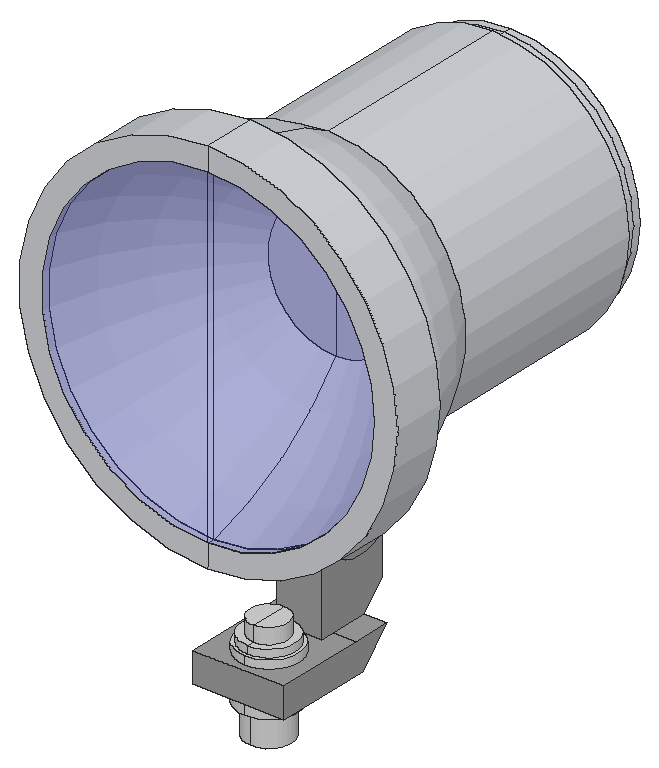
Revit family "77705_HOST_FACE", category Lighting Fixtures, host Face, Revit 2012
Parameters (values of type "Small Scale Floodlights")
  Wattage = 16.8303 W
  built-in parameter 1150110 = 1 (stored number, unit not read)
  URL = "www.bega-us.com"
  built-in parameter 1114217 = 1 (stored number, unit not read)
  Tilt Angle = 90.00°
  built-in parameter 1150109 = 1 (stored number, unit not read)
  built-in parameter 1150134 = 12
  Telephone = "805.684.0533"
  built-in parameter 1150113 = 1 (stored number, unit not read)
  Photometric Web File = "77705.IES"
  Model = "77705"
  Manufacturer = "BEGA-US"
  built-in parameter 1150105 = 198.94 (stored number, unit not read)
  Lumens = 2500 lm
  built-in parameter 1150115 = 1 (stored number, unit not read)
  built-in parameter 1150137 = (empty or 0)
  built-in parameter 1150139 = (empty or 0)
  built-in parameter 1150112 = 1 (stored number, unit not read)
  built-in parameter 1150114 = 1 (stored number, unit not read)
  Lamp = "30W LED"
  built-in parameter 1150132 = 2
  built-in parameter 1150102 = (empty or 0)
  built-in parameter 1150107 = 4000 (stored number, unit not read)
  built-in parameter 1150138 = (empty or 0)
  built-in parameter 1150106 = 1.9894 (stored number, unit not read)
  built-in parameter 1150104 = 13.8 (stored number, unit not read)
  Dimming Lamp Color Temperature Shift = <None>
  Description = "Small Scale Floodlight w/ I.P.S. Nipple"
  Default Elevation = 0' - 0"
  Color Filter = 16777215
  built-in parameter 1114218 = 1 (stored number, unit not read)
  built-in parameter 1150133 = 10 (stored number, unit not read)
Reference planes (in)
  plane 1 "Center (Front/Back)": y = 0
  plane 2: z = 0
  plane 3 "Center (Left/Right)": x = 0
Forms (in)
  Revolve 1, solid
    sketch origin (0, 0, 0.375) x (0, 1, 0) y (0, 0, 1)
      loop
        line (-2.625, 8.875) -> (-2.625, 8.5) -> (-2.5, 8.5)
        arc (-2.5, 8.5) -> (-1.11081, 7.90257) -> (0, 6.87648) r 4.47401
        line (0, 6.87648) -> (0, 5.75) -> (3.875, 5.75)
        arc (3.875, 5.75) -> (3.83655, 6.82268) -> (3.625, 7.875) r 6.61054
        line (3.625, 7.875) -> (3.5, 7.875) -> (3.25, 7.875) -> (3.25, 8) -> (-0.125, 8)
        arc (-0.125, 8) -> (-0.89991, 8.37217) -> (-1.75, 8.5) r 2.89062
        line (-1.75, 8.5) -> (-1.75, 8.875) -> (-2.625, 8.875)
      axis (3.875, 5.75) -> (-2.625, 5.75)
    angle from 0 to 360
  Revolve 2, solid, material "Glass"
    sketch origin (0, 0, 0.375) x (0, 1, 0) y (0, 0, 1)
      loop
        line (-2.625, 8.5) -> (-2.625, 5.75) -> (-2.5, 5.75) -> (-2.5, 8.5) -> (-2.625, 8.5)
      axis (-2.5, 5.75) -> (-2.625, 5.75)
    angle from 0 to 360
  Extrusion 3, solid, material "Default"
    sketch origin (0, -1.375, 1.39952) x (0, 1, 0) y (0, 0, 1)
      loop
        circle (1.25, 1.625) r 0.75
    from -0.5 to 0.5
  Extrusion 4, solid, material "Default"
    sketch origin (0, -0.625, 1.52452) x (0, 1, 0) y (0, 0, 1)
      loop
        line (0.5, -0.52452) -> (0.75, -0.27452) -> (0.125, -0.27452) -> (-1.375, -0.27452) -> (-1.375, -0.77452) -> (0.25, -0.77452) -> (0.5, -0.52452)
    from -0.75 to 0.75
  Extrusion 5, solid, material "Default"
    sketch origin (0, -0.625, 1.52452) x (0, 1, 0) y (0, 0, 1)
      loop
        line (1.125, 0.75) -> (1.125, 2.35048) -> (-0.125, 2.35048) -> (-0.125, -0.27452) -> (0.75, -0.27452) -> (1.125, 0.10048) -> (1.125, 0.75)
    from -0.375 to 0.375
  Revolve 6, solid, material "Stainless"
    sketch origin (0, -0.875, 1.52452) x (0, 1, 0) y (0, 0, 1)
      loop
        line (-1, -0.77452) -> (-1, -1.02452) -> (-0.875, -1.02452) -> (-0.875, -1.52452) -> (-0.5, -1.52452) -> (-0.5, 0.22548) -> (-0.8125, 0.22548) -> (-0.8125, -0.02452) -> (-0.9375, -0.02452) -> (-0.9375, -0.14952) -> (-1, -0.14952) -> (-1, -0.77452)
      axis (-0.5, 0.22548) -> (-0.5, -1.52452)
    angle from 0 to 360
Dimensions and locks (in)
  aligned and locked: plane 2 to host face
  aligned and locked: level to host face
Connectors (in)
  electrical at (0, 0, 0)
    settings: on host face, index 1, voltage 0 V, apparent load 0 VA, apparent load phase1 0 VA, apparent load phase2 0 VA, apparent load phase3 0 VA, power factor 1, load classification "Other", number of poles 1, system type 31, power factor state 1, is connector primary yes, connector utility no, sub classification motor no, connector description ""
